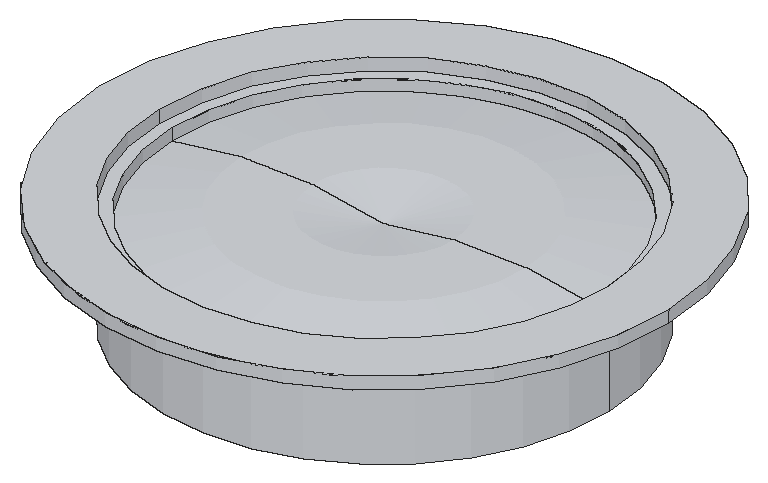
Revit family "Lighting-Terziario-GEWISS-ELIA-DL-LED_INCASSO", category Apparecchi per illuminazione, host Superficie, Revit 2019
Family settings
  Host = Superficie
  Quota connettore circolare = Usa diametro
  Tipo di parte = Normale
  Taglio con vuoti quando caricato = No
  Sorgente d'illuminazione = Sì
  Condiviso = No
  Punto di calcolo locali = Sì
Parameters (values of type "GWF1511QA940 - ELIA DL L2 40K OPAL DALI CRI90")
  Wattage = 9.2903 W
  Visibilità etichetta [instance] = yes
  Visibilità simbolo [instance] = yes
  Visibilità lampada in pianta [instance] = not(Visibilità simbolo)  # no
  Versione file RFA = "20.0"
  Variazione temperatura colore lampada con luminosità attenuata = <Nessuno>
  URL = "https://www.gewiss.com/it/it"
  UGR: = ""
  Tipologia sorgente luminosa = "LED - Non sostituibile"
  Tipologia = "Incasso modulare"
  Tipo lampada = "LED"
  Tipo alimentatore = ""
  Tensione = "220-240 V "
  Temperatura di utilizzo = "-20° +45°"
  Temperatura di funzionamento = "-20° +45°"
  Temperatura di colore: = "4000K"
  Temperatura di colore = "4000K"
  built-in parameter 1150107 = 4000 (stored number, unit not read)
  Spostamento_x_effettivo [instance] = 4000 mm - Spostamento_x  # 3000 mm
  Spostamento_x [instance] = 1000 mm
  Spostamento_y_effettivo [instance] = 4000 mm - Spostamento_y  # 3300 mm
  Spostamento_y [instance] = 700 mm
  Scheda Tecnica = "https://www.gewiss.com/it/it/search?q=GWF1511QA940"
  STRUTTURA = none
  SEO = "Incasso modulare"
  Resistenza agli urti = "IK06"
  Potenza di sistema = "35W"
  Peso (kg): = "0,8"
  Peso (kg) = "0,8"
  built-in parameter 1150110 = 1 (stored number, unit not read)
  built-in parameter 1150109 = 1 (stored number, unit not read)
  built-in parameter 1114218 = 1 (stored number, unit not read)
  built-in parameter 1150112 = 1 (stored number, unit not read)
  POSIZIONE = 80000  # constant formula
  Ottica = "Opale diffondente"
  built-in parameter 1150137 = (empty or 0)
  built-in parameter 1150132 = (empty or 0)
  Lumen output (lm) = "3200"
  Lampada: = "LED"
  LUNGHEZZA FORO = 968.572 mm
  LED Life time (L80B50) = "L80 B50 (Tq25°) = 50.000h"
  LED = none
  LARGHEZZA_FORO = 820.364 mm
  built-in parameter 1150105 = 109.82 (stored number, unit not read)
  built-in parameter 1150102 = (empty or 0)
  Installazione = "Incasso modulare"
  built-in parameter 1150106 = 1.0982 (stored number, unit not read)
  Default Elevation = 1219.2 mm
  Produttore = "GEWISS S.p.A."
  Nome quadro [instance] = "330W"
  Modello = "GWF1511QA940"
  L_lampada = 1500 mm
  Immagine tipo = ELIA_DL.jpg
  IDT = "67a9fb0b-5b9a-414d-aab5-ce16ea450aa5"
  IDF = "e32dd34c-8be7-4b35-b70e-442f7a3c5db5"
  Grado di protezione = "IP40 - IP54"
  Garanzia = "5 anni"
  Flusso luminoso in emergenza (lm) = ""
  Lumens = 1380 lm
  Color Filter = 16777215
  File diagramma fotometrico = "GWF1511QA940.IES"
  built-in parameter 1114217 = 1 (stored number, unit not read)
  built-in parameter 1150139 = (empty or 0)
  FORO_CONTROSOFFITTO = 80 mm  # constant formula
  Emit from Line Length = 609.6 mm
  built-in parameter 1150104 = 13.8 (stored number, unit not read)
  Distanza dal host [instance] = 0 mm
  built-in parameter 1150115 = 1 (stored number, unit not read)
  built-in parameter 1150114 = 1 (stored number, unit not read)
  built-in parameter 1150113 = 1 (stored number, unit not read)
  Dimensioni (mm) = "Standard"
  Descrizione = "ELIA DL L2 40K OPAL DALI CRI90"
  Creato da GEWISS S.p.A. = ""
  built-in parameter 1150134 = 12
  built-in parameter 1150138 = (empty or 0)
  Colore = "Bianco"
  Codice Electrocod = ""
  Codice EAN = ""
  Classe isolamento = "II"
  Classe di efficienza LED integrati = ""
  Catalogo Serie = "ELIA DL"
  Catalogo = "LIGHTING"
  COBie.Tagnumber = ""
  COBie.CreatedOn = ""
  COBie.CreatebBy = ""
  COBie.ComponentRegisterItemID = ""
  COBie.Component.TagNumber = ""
  COBie.Component.Space = ""
  COBie.Component.SerialNumber = ""
  COBie.Component.InstallationDate = ""
  COBie.Component.Description = ""
  COBie.Component.BarCode = ""
  Applicazione = "Interno"
  Tilt Angle = -90.00°
  built-in parameter 1150133 = 10 (stored number, unit not read)
Types (8, lengths in mm): name | Scheda Tecnica | Potenza di sistema | Lumen output (lm) | Modello | IDT | File diagramma fotometrico | Descrizione
  GWF1510QA840 - ELIA DL L2 40K  OPAL ON/OFF CRI80 | "https://www.gewiss.com/it/it/search?q=GWF1510QA840" | "35W" | "3550" | "GWF1510QA840" | "b2b84741-7a83-481b-95c9-ea9a437c7251" | "GWF1510QA840.IES" | "ELIA DL L2 40K  OPAL ON/OFF CRI80"
  GWF1510QA940 - ELIA DL L2 40K  OPAL ON/OFF CRI90 | "https://www.gewiss.com/it/it/search?q=GWF1510QA940" | "35W" | "3200" | "GWF1510QA940" | "7fb4116e-5139-49e8-aba0-4ea58d715885" | "GWF1510QA940.IES" | "ELIA DL L2 40K  OPAL ON/OFF CRI90"
  GWF1511QA840 - ELIA DL L2 40K OPAL DALI CRI80 | "https://www.gewiss.com/it/it/search?q=GWF1511QA840" | "35W" | "3550" | "GWF1511QA840" | "93a4c444-0049-4c68-8f80-80cc127d1e8f" | "GWF1511QA840.IES" | "ELIA DL L2 40K OPAL DALI CRI80"
  GWF1511QA940 - ELIA DL L2 40K OPAL DALI CRI90 | "https://www.gewiss.com/it/it/search?q=GWF1511QA940" | "35W" | "3200" | "GWF1511QA940" | "67a9fb0b-5b9a-414d-aab5-ce16ea450aa5" | "GWF1511QA940.IES" | "ELIA DL L2 40K OPAL DALI CRI90"
  GWF1510MA940 - ELIA DL M2 40K  OPAL ON/OFF CRI90 | "https://www.gewiss.com/it/it/search?q=GWF1510MA940" | "25W" | "2340" | "GWF1510MA940" | "141bd185-ca88-4515-8b8c-cb834ad1a7e4" | "GWF1510MA940.IES" | "ELIA DL M2 40K  OPAL ON/OFF CRI90"
  GWF1511MA840 - ELIA DL M2 40K OPAL DALI CRI80 | "https://www.gewiss.com/it/it/search?q=GWF1511MA840" | "25W" | "2600" | "GWF1511MA840" | "6448825b-7d1a-4d32-a8bd-6db0aabe33f9" | "GWF1511MA840.IES" | "ELIA DL M2 40K OPAL DALI CRI80"
  GWF1511MA940 - ELIA DL M2 40K OPAL DALI CRI90 | "https://www.gewiss.com/it/it/search?q=GWF1511MA940" | "25W" | "2340" | "GWF1511MA940" | "c728ae87-fbf6-4852-88a3-85a5a9649de6" | "GWF1511MA940.IES" | "ELIA DL M2 40K OPAL DALI CRI90"
  GWF1510MA840 - ELIA DL M2 40K OPAL ON/OFF CRI80 | "https://www.gewiss.com/it/it/search?q=GWF1510MA840" | "25W" | "2600" | "GWF1510MA840" | "31cf60ee-c2e6-4431-b72f-e8ff613d9471" | "GWF1510MA840.IES" | "ELIA DL M2 40K OPAL ON/OFF CRI80"
Reference planes
  plane 1 "Centro (Fronte/Retro)": y = 0
  plane 2: z = 0
  plane 3 "Centro (Sinistra/Destra)": x = 0
  plane 4: x = -4000
  plane 5: x = -1000
  plane 6: x = -1000
  plane 7: z = 1200
  plane 8: y = -4000
  plane 9: y = -700
  plane 10: x = -484.286
  plane 11: y = -410.182
  plane 12: x = 484.286
  plane 13: y = 410.182
  plane 14: z = -80
Dimensions and locks
  plane 4 to plane 3 "Centro (Sinistra/Destra)" = 4000 mm  (x2)
  "Spostamento_x_effettivo": plane 4 to plane 5
  "Spostamento_x_effettivo": plane 6 to plane 4
  plane 7 to plane 2 = 1200 mm
  "Spostamento_y_effettivo": plane 9 to plane 8
  plane 1 "Centro (Fronte/Retro)" to plane 8 = 4000 mm
  equal spacing: plane 10, plane 3 "Centro (Sinistra/Destra)", plane 12
  equal spacing: plane 13, plane 1 "Centro (Fronte/Retro)", plane 11
  "FORO_CONTROSOFFITTO": level to plane 14
  "LUNGHEZZA FORO": plane 10 to plane 12
  "LARGHEZZA_FORO": plane 13 to plane 11
  aligned and locked: plane 2 to host face
  aligned and locked: level to host face
  aligned and locked: nested 2 to plane 1 "Centro (Fronte/Retro)"
  aligned and locked: plane 6 to nested 1
  aligned and locked: nested 1 to plane 9
  aligned and locked: host face to nested 3
  aligned and locked: plane 3 "Centro (Sinistra/Destra)" to nested 4
  aligned and locked: nested 4 to imposter light
Automatic sketch dimensions
  host sketch curve to host sketch curve = 2438.4 mm  (x2)
Nested families
  nested 1: "Etichetta light" at (-1000, -700, 0), visible <- "Visibilità etichetta", type "Etichetta light"
  nested 2: "SIMB_2D" at (0, 0, 110.443) x (0, 0, 1) z (1, 0, 0), visible <- "Visibilità simbolo", type "SIMB_2D"
  nested 3: "Base_ELIA DL" at (0, 0, -40), type "Base_ELIA DL"
  nested 4: "SIMB_2D" at (0, 0, 0), vs_simbolo <- "Visibilità simbolo", type "SIMB_2D"
    with vs_simbolo yes
Definition of nested family "Base_ELIA DL"
  Parameters (values of type "Base_ELIA DL")
    struttura = none
    r3 = r2 - 5 mm  # 85.426 mm
    r2 = Raggio - 23.8 mm  # 90.426 mm
    h_led = 45 mm
    Raggio = 114.226 mm
    Led = none
    Diametro lampada = Raggio * 2  # 228.452 mm
  Reference planes
    plane 1 "Asse sorgente illuminazione (F/B)": y = 0
    plane 2: z = 0
    plane 3 "Asse sorgente illuminazione (L/R)": x = 0
    plane 4 "Prospetto sorgente di illuminazione": z = 1500
    plane 5: z = 45
    plane 6: z = 40
  Forms (mm)
    Extrusion 1, solid
      sketch origin (0, 0, 0) x (1, 0, 0) y (0, 1, 0)
        loop
          circle (0, 0) r 114.226
        loop
          circle (0, 0) r 90.426
      from 40 to 45
    Extrusion 2, solid
      sketch origin (0, 0, 0) x (1, 0, 0) y (0, 1, 0)
        loop
          circle (0, 0) r 90.426
        loop
          circle (0, 0) r 85.426
      from 0 to 40
    Revolve 3, solid, material <- "Led"
      sketch origin (0, 0, 0) x (1, 0, 0) y (0, 0, 1)
        loop
          line (0, 0) -> (0, 35.625)
          arc (0, 35.625) -> (-42.713, 40.263) -> (-85.426, 35.625) r 198.99
          line (-85.426, 35.625) -> (-85.426, 0) -> (0, 0)
        axis (0, 35.625) -> (0, 0)
      angle from 0 to 360
  Cuts and joins
    joined: Extrusion 1, Extrusion 2
  Dimensions and locks
    locked: plane 5 to plane 6 at 5
    Extrusion 1 to Extrusion 1 = 228.452 mm
    "h_led": plane 5 to plane 2
    "Raggio": radius of Extrusion 1 sketch curve
    "r2": radius of Extrusion 1 sketch curve
    "r2": radius of Extrusion 2 sketch curve
    "r3": radius of Extrusion 2 sketch curve
    aligned and locked: level to plane 2
    aligned and locked: Extrusion 1 to plane 6
    aligned and locked: plane 5 to Extrusion 1
    aligned and locked: plane 6 to Extrusion 2
    aligned and locked: Extrusion 1 to plane 5
    aligned and locked: plane 6 to Extrusion 1
  Automatic sketch dimensions
    Extrusion 1 sketch curve to Extrusion 1 sketch curve = 0 mm  (x2)
    plane 1 "Asse sorgente illuminazione (F/B)" to Extrusion 1 sketch curve = 0 mm
    Extrusion 1 sketch curve to plane 3 "Asse sorgente illuminazione (L/R)" = 0 mm
    Extrusion 2 sketch curve to Extrusion 2 sketch curve = 0 mm  (x2)
    plane 1 "Asse sorgente illuminazione (F/B)" to Extrusion 2 sketch curve = 0 mm
    Extrusion 2 sketch curve to plane 3 "Asse sorgente illuminazione (L/R)" = 0 mm
    Revolve 3 sketch curve to level = 0 mm
    Revolve 3 sketch curve to plane 3 "Asse sorgente illuminazione (L/R)" = 0 mm  (x2)
    Revolve 3 sketch curve to plane 3 "Asse sorgente illuminazione (L/R)" = 42.713 mm
    Revolve 3 sketch curve to plane 6 = 4.375 mm
    Revolve 3 sketch curve to level = 158.727 mm
    Revolve 3 sketch curve to level = 30 mm
    plane 5 to Revolve 3 sketch curve = 20 mm
    Revolve 3 sketch curve to plane 3 "Asse sorgente illuminazione (L/R)" = 85.426 mm
Definition of nested family "Etichetta light"
  Parameters (values of type "ETICHETTA LIGHT")
    COMMENTI = "330W"
  Reference planes
    plane 1: y = 0
    plane 2: x = 0
  Text (mm)
    label "COMMENTI" at (-0.057, 0.105, 0), shows "COMMENTI"
Definition of nested family "SIMB_2D"
  Parameters (values of type "SIMB_2D")
    vs_simbolo [instance] = yes
  Reference planes
    plane 1 "Centro (Fronte/Retro)": y = 0
    plane 2: z = 0
    plane 3 "Centro (Sinistra/Destra)": x = 0
  Lines and regions (mm)
    model lines, in view "Livello rif.", visible <- "vs_simbolo"
      curve 1: circle (1.594, -5.402, 0) r 132.43 normal (0, 0, 1)
      curve 2: circle (1.594, -5.402, 0) r 159.119 normal (0, 0, 1)
      curve 3: line (58.804, -62.709, 0) -> (-55.615, -5.745, 0)
      curve 4: line (-55.615, -5.745, 0) -> (58.804, 51.905, 0)
      curve 5: line (58.804, 51.905, 0) -> (58.804, -62.709, 0)
      curve 6: line (-55.615, 51.562, 0) -> (-55.615, -63.052, 0)
      curve 7: line (-55.615, -5.745, 0) -> (-89.068, -5.745, 0)
      curve 8: line (58.804, -5.402, 0) -> (83.507, -5.402, 0)
